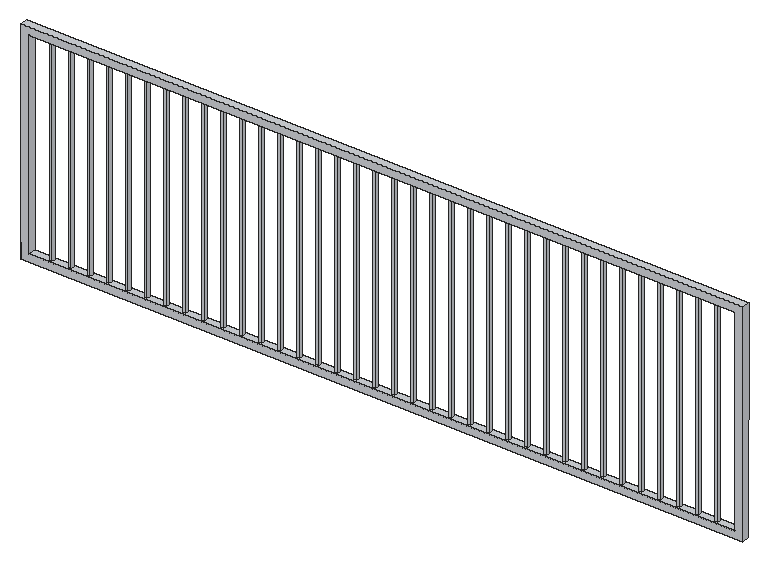
Revit family "Barrier_Gate_AutoGate_Buckeye", category Generic Models, Revit 2015
Parameters (values of type "Size as Specified")
  Warranty Duration (Years) = 0
  Unit Width [instance] = 16' - 0"
  Unit Height [instance] = 5' - 0"
  URL = "http://autogate.com/"
  Specification = "http://www.arcat.com/sdspecs/htm04/32_31_00saf.htm"
  SpecWizard = ""
  Space Below Gate [instance] = 0' - 3"
  Send Message = ""
  Sales Information = "http://autogate.com/about-us/contact/"
  Revision = "R1_2016-11"
  Product Properties = ""
  Product Data = "http://www.arcat.com/arcatcos/cos48/arc48891.html"
  Number of Interior Design Repeats = 36
  Model = "Buckeye"
  Maximum Size = "25 x 8 ft (W x H)"
  Mass Interior Design Shape Visible [instance] = yes
  Manufacturer Website = "http://autogate.com/"
  Manufacturer Phone - Toll Free = "800-944-4283"
  Manufacturer Phone = "419-588-2796"
  Manufacturer Fax = "419-588-3514"
  Manufacturer Address = "7306 Driver Rd.  P. O. Box 50  Berlin Heights, OH 44814"
  Manufacturer = "AutoGate, Inc"
  Maintenance Schedule (Months) = 0
  Keynote = "32 21 00"
  Interior Finish [instance] = none
  Installation-Fabrication = ""
  Installation Phase = ""
  Green Building-LEED = ""
  Frame Finish [instance] = none
  Expected Lifespan (Years) = 0
  Drawn By = "Sumex Design, Inc. / Robert S. Weygant, CSI, CDT, SCIP"
  Description = "AutoGate Buckeye Gate as Specified"
  Default Elevation = 0' - 0"
  Copyright = "©Arcat Inc."
  Construction Details = "http://www.arcat.com/details/autogate/autogate.html?coid=48891"
  Bottom Rail Height [instance] = 0' - 2"
  Assembly Code = "E1030900"
  Additional Barrier Width_Operator Side [instance] = 0' - 3"
  Additional Barrier Width_Non Operator Side [instance] = 0' - 0 1/4"
Reference planes (in)
  plane 1 "Center (Front/Back)": y = 0
  plane 2 "Bottom": z = 0
  plane 3 "Center (Left/Right)": x = 0
  plane 4 "Front": y = -1
  plane 5 "Back": y = 1
  plane 6 "Left": x = -96
  plane 7 "Right": x = 96
  plane 8 "Top": z = 60
  plane 9: z = 3
  plane 10: z = 5
  plane 11: x = 99
  plane 12: x = -96.25
  plane 13: z = 4
  plane 14: x = -94
  plane 15: x = 97
  plane 16: x = 1.5
  plane 17: x = 49.25
  plane 18: x = -46.25
Forms (in)
  Extrusion 1, solid, material <- "Frame Finish"
    sketch origin (0, 0, 0) x (0, 1, 0) y (0, 0, 1)
      loop
        line (-1, 5) -> (-1, 3) -> (1, 3) -> (1, 5) -> (-1, 5)
    from -96.25 to 99
  Extrusion 2, solid
    sketch origin (-96, 16.34522, 48) x (0, 1, 0) y (0, 0, 1)
      loop
        line (-17.34522, -45) -> (-15.34522, -45) -> (-15.34522, -41) -> (-17.34522, -41) -> (-17.34522, -45)
    from 0 to -0.25
  Extrusion 3, solid, material <- "Frame Finish"
    sketch origin (0, 0, 0) x (1, 0, 0) y (0, 1, 0)
      loop
        line (-96, 1) -> (-96, -1) -> (-94, -1) -> (-94, 1) -> (-96, 1)
      loop
        line (99, 1) -> (97, 1) -> (97, -1) -> (99, -1) -> (99, 1)
    from 5 to 60
  Extrusion 4, solid, material <- "Frame Finish"
    sketch origin (0, 0, 0) x (0, 1, 0) y (0, 0, 1)
      loop
        line (-1, 60) -> (-1, 58) -> (1, 58) -> (1, 60) -> (-1, 60)
    from -94 to 97
Cuts and joins
  joined: Extrusion 1, Extrusion 3, Extrusion 4
Dimensions and locks (in)
  equal spacing: plane 6 "Left", plane 3 "Center (Left/Right)", plane 7 "Right"
  "Unit Width": plane 6 "Left" to plane 7 "Right"
  equal spacing: plane 5 "Back", plane 1 "Center (Front/Back)", plane 4 "Front"
  "Bottom Rail Height": plane 5 "Back" to plane 4 "Front"
  "Unit Height": plane 8 "Top" to level
  "Space Below Gate": plane 9 to level
  "Bottom Rail Height": plane 10 to plane 9
  "Additional Barrier Width_Non Operator Side": plane 6 "Left" to plane 12
  "Additional Barrier Width_Operator Side": plane 11 to plane 7 "Right"
  "Bottom Rail Height": Extrusion 2 sketch curve to plane 10
  Extrusion 2 sketch curve to plane 1 "Center (Front/Back)" to Extrusion 2 sketch curve = 0' - 1" locked, 0' - 1" locked
  locked: Extrusion 3 sketch curve to plane 11 at 2
  locked: plane 6 "Left" to Extrusion 3 sketch curve at 2
  equal spacing: plane 10, plane 13, plane 9
  locked: plane 8 "Top" to Extrusion 4 sketch curve at 2
  locked: plane 14 to plane 6 "Left" at 2
  locked: plane 11 to plane 15 at 2
  equal spacing: plane 14, plane 18, plane 16, plane 17, plane 15
  equal spacing: group 1, group 3, group 4, group 5, group 6, group 7, group 8, group 9, group 10, group 11, group 12, group 13, group 14, group 15, group 16, group 17, group 18, group 19, group 20, group 21, group 22, group 23, group 24, group 25, group 26, group 27, group 28, group 29, group 30, group 31, group 32, group 33, group 34, group 35, group 36, group 2  (x3)
  locked: plane 14 to nested 1 at 5.5
  locked: nested 2 to plane 15 at 5.5
  aligned and locked: plane 11 to Extrusion 1
  aligned and locked: plane 11 to Extrusion 3 sketch curve
  aligned and locked: Extrusion 3 to plane 8 "Top"
  aligned and locked: Extrusion 4 to Extrusion 3  (x2)
  aligned and locked: Extrusion 1 to plane 12
  aligned and locked: Extrusion 3 to plane 10
Automatic sketch dimensions
  Extrusion 3 sketch curve to plane 6 "Left" = 0' - 0"
  plane 1 "Center (Front/Back)" to Extrusion 3 sketch curve = 0' - 1"  (x2)
  Extrusion 3 sketch curve to plane 1 "Center (Front/Back)" = 0' - 1"  (x2)
  Extrusion 4 sketch curve to plane 8 "Top" = 0' - 0"
  plane 1 "Center (Front/Back)" to Extrusion 4 sketch curve = 0' - 1"
  Extrusion 4 sketch curve to plane 1 "Center (Front/Back)" = 0' - 1"
  Extrusion 1 sketch curve to plane 4 "Front" = 0' - 0"
  Extrusion 1 sketch curve to plane 5 "Back" = 0' - 0"
  Extrusion 1 sketch curve to plane 9 = 0' - 0"
  Extrusion 1 sketch curve to plane 10 = 0' - 0"
  Extrusion 2 sketch curve to plane 9 = 0' - 0"
Nested families (in)
  nested 1: "Picket" at (-88.5, 0, 0), material <- "Interior Finish", y <- "Bottom Rail Height", x <- "Space Below Gate", height <- "Unit Height", visible <- "Mass Interior Design Shape Visible", type "Picket"
    with y 0' - 2", x 0' - 3", material none, height 5' - 0"
  nested 2: "Picket" at (91.5, 0, 0), material <- "Interior Finish", y <- "Bottom Rail Height", x <- "Space Below Gate", height <- "Unit Height", visible <- "Mass Interior Design Shape Visible", type "Picket"
    with y 0' - 2", x 0' - 3", material none, height 5' - 0"
  nested 3: "Picket" at (-83.35714, 0, 0), material <- "Interior Finish", y <- "Bottom Rail Height", x <- "Space Below Gate", height <- "Unit Height", visible <- "Mass Interior Design Shape Visible", type "Picket"
    with y 0' - 2", x 0' - 3", material none, height 5' - 0"
  nested 4: "Picket" at (-78.21429, 0, 0), material <- "Interior Finish", y <- "Bottom Rail Height", x <- "Space Below Gate", height <- "Unit Height", visible <- "Mass Interior Design Shape Visible", type "Picket"
    with y 0' - 2", x 0' - 3", material none, height 5' - 0"
  nested 5: "Picket" at (-73.07143, 0, 0), material <- "Interior Finish", y <- "Bottom Rail Height", x <- "Space Below Gate", height <- "Unit Height", visible <- "Mass Interior Design Shape Visible", type "Picket"
    with y 0' - 2", x 0' - 3", material none, height 5' - 0"
  nested 6: "Picket" at (-67.92857, 0, 0), material <- "Interior Finish", y <- "Bottom Rail Height", x <- "Space Below Gate", height <- "Unit Height", visible <- "Mass Interior Design Shape Visible", type "Picket"
    with y 0' - 2", x 0' - 3", material none, height 5' - 0"
  nested 7: "Picket" at (-62.78571, 0, 0), material <- "Interior Finish", y <- "Bottom Rail Height", x <- "Space Below Gate", height <- "Unit Height", visible <- "Mass Interior Design Shape Visible", type "Picket"
    with y 0' - 2", x 0' - 3", material none, height 5' - 0"
  nested 8: "Picket" at (-57.64286, 0, 0), material <- "Interior Finish", y <- "Bottom Rail Height", x <- "Space Below Gate", height <- "Unit Height", visible <- "Mass Interior Design Shape Visible", type "Picket"
    with y 0' - 2", x 0' - 3", material none, height 5' - 0"
  nested 9: "Picket" at (-52.5, 0, 0), material <- "Interior Finish", y <- "Bottom Rail Height", x <- "Space Below Gate", height <- "Unit Height", visible <- "Mass Interior Design Shape Visible", type "Picket"
    with y 0' - 2", x 0' - 3", material none, height 5' - 0"
  nested 10: "Picket" at (-47.35714, 0, 0), material <- "Interior Finish", y <- "Bottom Rail Height", x <- "Space Below Gate", height <- "Unit Height", visible <- "Mass Interior Design Shape Visible", type "Picket"
    with y 0' - 2", x 0' - 3", material none, height 5' - 0"
  nested 11: "Picket" at (-42.21429, 0, 0), material <- "Interior Finish", y <- "Bottom Rail Height", x <- "Space Below Gate", height <- "Unit Height", visible <- "Mass Interior Design Shape Visible", type "Picket"
    with y 0' - 2", x 0' - 3", material none, height 5' - 0"
  nested 12: "Picket" at (-37.07143, 0, 0), material <- "Interior Finish", y <- "Bottom Rail Height", x <- "Space Below Gate", height <- "Unit Height", visible <- "Mass Interior Design Shape Visible", type "Picket"
    with y 0' - 2", x 0' - 3", material none, height 5' - 0"
  nested 13: "Picket" at (-31.92857, 0, 0), material <- "Interior Finish", y <- "Bottom Rail Height", x <- "Space Below Gate", height <- "Unit Height", visible <- "Mass Interior Design Shape Visible", type "Picket"
    with y 0' - 2", x 0' - 3", material none, height 5' - 0"
  nested 14: "Picket" at (-26.78571, 0, 0), material <- "Interior Finish", y <- "Bottom Rail Height", x <- "Space Below Gate", height <- "Unit Height", visible <- "Mass Interior Design Shape Visible", type "Picket"
    with y 0' - 2", x 0' - 3", material none, height 5' - 0"
  nested 15: "Picket" at (-21.64286, 0, 0), material <- "Interior Finish", y <- "Bottom Rail Height", x <- "Space Below Gate", height <- "Unit Height", visible <- "Mass Interior Design Shape Visible", type "Picket"
    with y 0' - 2", x 0' - 3", material none, height 5' - 0"
  nested 16: "Picket" at (-16.5, 0, 0), material <- "Interior Finish", y <- "Bottom Rail Height", x <- "Space Below Gate", height <- "Unit Height", visible <- "Mass Interior Design Shape Visible", type "Picket"
    with y 0' - 2", x 0' - 3", material none, height 5' - 0"
  nested 17: "Picket" at (-11.35714, 0, 0), material <- "Interior Finish", y <- "Bottom Rail Height", x <- "Space Below Gate", height <- "Unit Height", visible <- "Mass Interior Design Shape Visible", type "Picket"
    with y 0' - 2", x 0' - 3", material none, height 5' - 0"
  nested 18: "Picket" at (-6.21429, 0, 0), material <- "Interior Finish", y <- "Bottom Rail Height", x <- "Space Below Gate", height <- "Unit Height", visible <- "Mass Interior Design Shape Visible", type "Picket"
    with y 0' - 2", x 0' - 3", material none, height 5' - 0"
  nested 19: "Picket" at (-1.07143, 0, 0), material <- "Interior Finish", y <- "Bottom Rail Height", x <- "Space Below Gate", height <- "Unit Height", visible <- "Mass Interior Design Shape Visible", type "Picket"
    with y 0' - 2", x 0' - 3", material none, height 5' - 0"
  nested 20: "Picket" at (4.07143, 0, 0), material <- "Interior Finish", y <- "Bottom Rail Height", x <- "Space Below Gate", height <- "Unit Height", visible <- "Mass Interior Design Shape Visible", type "Picket"
    with y 0' - 2", x 0' - 3", material none, height 5' - 0"
  nested 21: "Picket" at (9.21429, 0, 0), material <- "Interior Finish", y <- "Bottom Rail Height", x <- "Space Below Gate", height <- "Unit Height", visible <- "Mass Interior Design Shape Visible", type "Picket"
    with y 0' - 2", x 0' - 3", material none, height 5' - 0"
  nested 22: "Picket" at (14.35714, 0, 0), material <- "Interior Finish", y <- "Bottom Rail Height", x <- "Space Below Gate", height <- "Unit Height", visible <- "Mass Interior Design Shape Visible", type "Picket"
    with y 0' - 2", x 0' - 3", material none, height 5' - 0"
  nested 23: "Picket" at (19.5, 0, 0), material <- "Interior Finish", y <- "Bottom Rail Height", x <- "Space Below Gate", height <- "Unit Height", visible <- "Mass Interior Design Shape Visible", type "Picket"
    with y 0' - 2", x 0' - 3", material none, height 5' - 0"
  nested 24: "Picket" at (24.64286, 0, 0), material <- "Interior Finish", y <- "Bottom Rail Height", x <- "Space Below Gate", height <- "Unit Height", visible <- "Mass Interior Design Shape Visible", type "Picket"
    with y 0' - 2", x 0' - 3", material none, height 5' - 0"
  nested 25: "Picket" at (29.78571, 0, 0), material <- "Interior Finish", y <- "Bottom Rail Height", x <- "Space Below Gate", height <- "Unit Height", visible <- "Mass Interior Design Shape Visible", type "Picket"
    with y 0' - 2", x 0' - 3", material none, height 5' - 0"
  nested 26: "Picket" at (34.92857, 0, 0), material <- "Interior Finish", y <- "Bottom Rail Height", x <- "Space Below Gate", height <- "Unit Height", visible <- "Mass Interior Design Shape Visible", type "Picket"
    with y 0' - 2", x 0' - 3", material none, height 5' - 0"
  nested 27: "Picket" at (40.07143, 0, 0), material <- "Interior Finish", y <- "Bottom Rail Height", x <- "Space Below Gate", height <- "Unit Height", visible <- "Mass Interior Design Shape Visible", type "Picket"
    with y 0' - 2", x 0' - 3", material none, height 5' - 0"
  nested 28: "Picket" at (45.21429, 0, 0), material <- "Interior Finish", y <- "Bottom Rail Height", x <- "Space Below Gate", height <- "Unit Height", visible <- "Mass Interior Design Shape Visible", type "Picket"
    with y 0' - 2", x 0' - 3", material none, height 5' - 0"
  nested 29: "Picket" at (50.35714, 0, 0), material <- "Interior Finish", y <- "Bottom Rail Height", x <- "Space Below Gate", height <- "Unit Height", visible <- "Mass Interior Design Shape Visible", type "Picket"
    with y 0' - 2", x 0' - 3", material none, height 5' - 0"
  nested 30: "Picket" at (55.5, 0, 0), material <- "Interior Finish", y <- "Bottom Rail Height", x <- "Space Below Gate", height <- "Unit Height", visible <- "Mass Interior Design Shape Visible", type "Picket"
    with y 0' - 2", x 0' - 3", material none, height 5' - 0"
  nested 31: "Picket" at (60.64286, 0, 0), material <- "Interior Finish", y <- "Bottom Rail Height", x <- "Space Below Gate", height <- "Unit Height", visible <- "Mass Interior Design Shape Visible", type "Picket"
    with y 0' - 2", x 0' - 3", material none, height 5' - 0"
  nested 32: "Picket" at (65.78571, 0, 0), material <- "Interior Finish", y <- "Bottom Rail Height", x <- "Space Below Gate", height <- "Unit Height", visible <- "Mass Interior Design Shape Visible", type "Picket"
    with y 0' - 2", x 0' - 3", material none, height 5' - 0"
  nested 33: "Picket" at (70.92857, 0, 0), material <- "Interior Finish", y <- "Bottom Rail Height", x <- "Space Below Gate", height <- "Unit Height", visible <- "Mass Interior Design Shape Visible", type "Picket"
    with y 0' - 2", x 0' - 3", material none, height 5' - 0"
  nested 34: "Picket" at (76.07143, 0, 0), material <- "Interior Finish", y <- "Bottom Rail Height", x <- "Space Below Gate", height <- "Unit Height", visible <- "Mass Interior Design Shape Visible", type "Picket"
    with y 0' - 2", x 0' - 3", material none, height 5' - 0"
  nested 35: "Picket" at (81.21429, 0, 0), material <- "Interior Finish", y <- "Bottom Rail Height", x <- "Space Below Gate", height <- "Unit Height", visible <- "Mass Interior Design Shape Visible", type "Picket"
    with y 0' - 2", x 0' - 3", material none, height 5' - 0"
  nested 36: "Picket" at (86.35714, 0, 0), material <- "Interior Finish", y <- "Bottom Rail Height", x <- "Space Below Gate", height <- "Unit Height", visible <- "Mass Interior Design Shape Visible", type "Picket"
    with y 0' - 2", x 0' - 3", material none, height 5' - 0"
Definition of nested family "Picket"
  Parameters
    y [instance] = 0' - 6"
    x [instance] = 0' - 3.72251"
    material [instance] = none
    height [instance] = 4' - 0"
    Default Elevation = 4' - 0"
    Assembly Code = ""
  Reference planes (in)
    plane 1 "Center (Front/Back)": y = 0
    plane 2: z = 0
    plane 3 "Center (Left/Right)": x = 0
    plane 4: z = 48
    plane 5: x = -5.75
    plane 6: x = 5.75
    plane 7: z = 3.72251
    plane 8: z = 9.72251
  Forms (in)
    Extrusion 1, solid, material <- "material"
      sketch origin (0, 0, 0) x (1, 0, 0) y (0, 0, 1)
        loop
          line (-0.375, 9.72251) -> (0.375, 9.72251) -> (0.375, 46) -> (-0.375, 46) -> (-0.375, 9.72251)
      from 0.375 to -0.375
  Dimensions and locks (in)
    "height": plane 4 to level
    locked: plane 4 to Extrusion 1 sketch curve at 2
    plane 5 to plane 3 "Center (Left/Right)" to plane 6 = 0' - 5 3/4" locked, 0' - 5 3/4" locked
    "x": plane 7 to level
    "y": plane 8 to plane 7
    aligned and locked: plane 2 to level
    aligned and locked: Extrusion 1 to plane 8
  Automatic sketch dimensions
    level to Extrusion 1 sketch curve = 0' - 9.72251"
    Extrusion 1 sketch curve to plane 3 "Center (Left/Right)" = 0' - 0 3/8"
    plane 3 "Center (Left/Right)" to Extrusion 1 sketch curve = 0' - 0 3/8"
